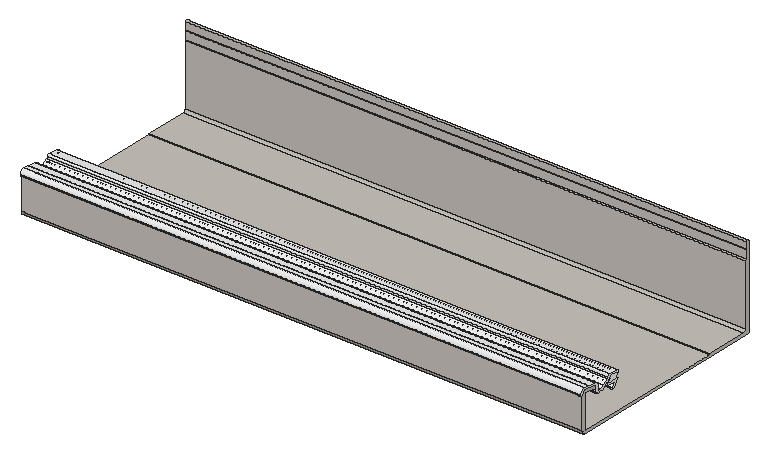
Revit family "Lighting to Inside face of Suburban Gutter", category Generic Models, Revit 2018
Family settings
  Can host rebar = No
  Round Connector Dimension = Use Diameter
  Part Type = Normal
  Work Plane-Based = No
  Always vertical = Yes
  Cut with Voids When Loaded = No
  Shared = No
  Room Calculation Point = No
Parameters
  LED Neon Strip lighting [instance] = LED light
  Gutter Length [instance] = 500 mm
  Gutter Clip [instance] = Aluminum - Dark
  185 Suburban Gutter [instance] = Bronco
Reference planes
  plane 1 "Center (Front/Back)": y = 0
  plane 2: z = 0
  plane 3 "Center (Left/Right)": x = 0
  plane 4: x = -250
  plane 5: x = 250
Forms (mm)
  Extrusion 1, solid, material "Bronco" <- "185 Suburban Gutter"
    sketch origin (0, -150.925, -150.846) x (0, 1, 0) y (0, 0, 1)
      loop
        arc (242.175, 224.946) -> (241.275, 225.846) -> (240.375, 224.946) r 0.9
        line (240.375, 224.946) -> (240.375, 218.746) -> (241.182, 218.346) -> (240.375, 217.946) -> (240.375, 210.753) -> (239.925, 209.888) -> (239.925, 155.346)
        arc (239.925, 155.346) -> (239.266, 153.755) -> (237.675, 153.096) r 2.25
        line (237.675, 153.096) -> (199.575, 153.096) -> (199.175, 152.296) -> (198.775, 153.096) -> (60.175, 153.096)
        arc (60.175, 153.096) -> (59.645, 153.315) -> (59.425, 153.846) r 0.75
        line (59.425, 153.846) -> (59.425, 183.657) -> (69.798, 181.828)
        arc (69.798, 181.828) -> (71.102, 182.74) -> (70.189, 184.044) r 1.125
        line (70.189, 184.044) -> (65.762, 184.824) -> (65.23, 184.106) -> (64.975, 184.963) -> (60.192, 185.807)
        arc (60.192, 185.807) -> (58.093, 185.244) -> (57.175, 183.276) r 2.57
        line (57.175, 183.276) -> (57.175, 153.846)
        arc (57.175, 153.846) -> (58.054, 151.724) -> (60.175, 150.846) r 3
        line (60.175, 150.846) -> (241.675, 150.846)
        arc (241.675, 150.846) -> (242.029, 150.992) -> (242.175, 151.346) r 0.5
        line (242.175, 151.346) -> (242.175, 224.946)
    from -250 to 250
  Extrusion 2, solid, material "Aluminum - Dark" <- "Gutter Clip"
    sketch origin (0, -175.981, 1.089) x (0, -0.996855, 0.079242) y (0, -0.079242, -0.996855)
      loop
        arc (-94.944, -34.172) -> (-96.496, -32.897) -> (-98.503, -32.793) r 3.215
        line (-98.503, -32.793) -> (-99.866, -33.208) -> (-102.211, -33.614)
        spline (-102.211, -33.614) -> (-102.273, -33.625) -> (-102.328, -33.645) -> (-102.373, -33.676) -> (-102.41, -33.716) -> (-102.439, -33.767) -> (-102.459, -33.828) -> (-102.47, -33.9) -> (-102.472, -33.981) -> (-102.466, -34.073) -> (-102.451, -34.174) -> (-102.428, -34.286) -> (-102.396, -34.408)
        line (-102.396, -34.408) -> (-107.037, -37.611)
        arc (-107.037, -37.611) -> (-107.811, -37.658) -> (-108.213, -36.994) r 0.75
        line (-108.213, -36.994) -> (-108.214, -34.678) -> (-111.21, -35.212) -> (-115.931, -35.212)
        arc (-115.931, -35.212) -> (-116.26, -35.018) -> (-116.252, -34.637) r 0.377
        line (-116.252, -34.637) -> (-113.817, -30.704)
        arc (-113.817, -30.704) -> (-113.834, -30.223) -> (-114.285, -30.055) r 0.432
        line (-114.285, -30.055) -> (-115.058, -30.238) -> (-118.736, -36.182) -> (-118.811, -37.022)
        spline (-118.811, -37.022) -> (-118.726, -37.137) -> (-118.655, -37.165) -> (-118.586, -37.135) -> (-118.507, -37.077) -> (-118.405, -37.021) -> (-118.269, -36.996) -> (-118.101, -37.003) -> (-117.922, -37.015) -> (-117.753, -37.001) -> (-117.614, -36.933) -> (-117.527, -36.78) -> (-117.512, -36.512)
        line (-117.512, -36.512) -> (-114.412, -36.512)
        arc (-114.412, -36.512) -> (-114.265, -36.865) -> (-113.912, -37.012) r 0.5
        arc (-113.912, -37.012) -> (-113.558, -36.865) -> (-113.412, -36.512) r 0.5
        line (-113.412, -36.512) -> (-109.513, -36.512) -> (-109.511, -41.912) -> (-113.412, -41.912)
        arc (-113.412, -41.912) -> (-113.558, -41.558) -> (-113.912, -41.412) r 0.5
        arc (-113.912, -41.412) -> (-114.265, -41.558) -> (-114.412, -41.912) r 0.5
        line (-114.412, -41.912) -> (-117.519, -41.912)
        spline (-117.519, -41.912) -> (-117.533, -41.645) -> (-117.619, -41.492) -> (-117.757, -41.424) -> (-117.926, -41.41) -> (-118.104, -41.421) -> (-118.271, -41.428) -> (-118.407, -41.403) -> (-118.509, -41.347) -> (-118.587, -41.289) -> (-118.656, -41.259) -> (-118.726, -41.287) -> (-118.812, -41.401)
        line (-118.812, -41.401) -> (-118.811, -42.712)
        arc (-118.811, -42.712) -> (-118.665, -43.065) -> (-118.311, -43.212) r 0.5
        line (-118.311, -43.212) -> (-109.811, -43.209)
        arc (-109.811, -43.209) -> (-108.679, -42.739) -> (-108.211, -41.606) r 1.6
        line (-108.211, -41.606) -> (-108.215, -40.004) -> (-103.816, -36.968) -> (-104.021, -36.172) -> (-103.322, -36.627) -> (-100.787, -34.877)
        arc (-100.787, -34.877) -> (-99.112, -34.363) -> (-97.367, -34.208) r 8.406
        arc (-97.367, -34.208) -> (-96.721, -34.726) -> (-96.521, -35.53) r 1.296
        line (-96.521, -35.53) -> (-96.303, -39.538)
        arc (-96.303, -39.538) -> (-95.533, -41.168) -> (-93.836, -41.775) r 2.353
        line (-93.836, -41.775) -> (-87.546, -41.81) -> (-87.141, -40.996) -> (-86.746, -41.814) -> (-81.944, -41.841)
        arc (-81.944, -41.841) -> (-79.322, -40.787) -> (-78.186, -38.2) r 3.739
        line (-78.186, -38.2) -> (-78.268, -37.14)
        arc (-78.268, -37.14) -> (-78.939, -36.677) -> (-79.53, -37.238) r 0.647
        line (-79.53, -37.238) -> (-79.469, -38.022)
        arc (-79.469, -38.022) -> (-80.132, -39.786) -> (-81.848, -40.564) r 2.462
        line (-81.848, -40.564) -> (-84.615, -40.305) -> (-89.948, -39.79) -> (-94.63, -39.31) -> (-94.955, -37.723) -> (-94.944, -34.172)
    from -250 to 250
  Extrusion 3, solid, material "LED light" <- "LED Neon Strip lighting"
    sketch origin (0, -155.888, -0.289) x (0, -0.996855, 0.079242) y (0, -0.079242, -0.996855)
      loop
        line (-89.472, -41.594) -> (-89.473, -36.394) -> (-93.181, -36.394)
        arc (-93.181, -36.394) -> (-93.772, -36.894) -> (-94.364, -36.394) r 0.6
        line (-94.364, -36.394) -> (-97.235, -36.394) -> (-97.235, -41.594) -> (-94.364, -41.594)
        arc (-94.364, -41.594) -> (-93.772, -41.094) -> (-93.181, -41.594) r 0.6
        line (-93.181, -41.594) -> (-89.472, -41.594)
    from -250 to 250
Dimensions and locks
  equal spacing: plane 4, plane 3 "Center (Left/Right)", plane 5
  "Gutter Length": plane 4 to plane 5
  aligned and locked: level to plane 2
  aligned and locked: Extrusion 1 to plane 4
  aligned and locked: Extrusion 1 to plane 5
  aligned and locked: Extrusion 2 to plane 4
  aligned and locked: Extrusion 2 to plane 5
  aligned and locked: Extrusion 3 to plane 5
  aligned and locked: Extrusion 3 to plane 4
Automatic sketch dimensions
  Extrusion 1 sketch curve to Extrusion 1 sketch curve = 0 mm  (x2)
  Extrusion 1 sketch curve to level = 0 mm
  level to Extrusion 1 sketch curve = 3 mm
  plane 1 "Center (Front/Back)" to Extrusion 1 sketch curve = 93.75 mm
  Extrusion 1 sketch curve to Extrusion 1 sketch curve = 0.75 mm
  Extrusion 1 sketch curve to Extrusion 1 sketch curve = 0.32 mm
  level to Extrusion 1 sketch curve = 34.961 mm
  Extrusion 1 sketch curve to Extrusion 1 sketch curve = 0.766 mm
  level to Extrusion 1 sketch curve = 34.118 mm
  Extrusion 1 sketch curve to Extrusion 1 sketch curve = 4.783 mm
  level to Extrusion 1 sketch curve = 33.26 mm
  Extrusion 1 sketch curve to Extrusion 1 sketch curve = 0.255 mm
  level to Extrusion 1 sketch curve = 33.979 mm
  Extrusion 1 sketch curve to Extrusion 1 sketch curve = 0.788 mm
  Extrusion 1 sketch curve to Extrusion 1 sketch curve = 4.036 mm
  Extrusion 1 sketch curve to Extrusion 1 sketch curve = 0.195 mm  (x2)
  level to Extrusion 1 sketch curve = 33.198 mm
  Extrusion 1 sketch curve to plane 1 "Center (Front/Back)" = 47.85 mm
  level to Extrusion 1 sketch curve = 1.45 mm
  Extrusion 1 sketch curve to Extrusion 1 sketch curve = 0.4 mm  (x2)
  Extrusion 1 sketch curve to Extrusion 1 sketch curve = 0.8 mm  (x2)
  level to Extrusion 1 sketch curve = 4.5 mm
  Extrusion 1 sketch curve to Extrusion 1 sketch curve = 38.1 mm
  Extrusion 1 sketch curve to Extrusion 1 sketch curve = 2.25 mm
  Extrusion 1 sketch curve to Extrusion 1 sketch curve = 0.45 mm  (x2)
  Extrusion 1 sketch curve to Extrusion 1 sketch curve = 0.806 mm
  Extrusion 1 sketch curve to Extrusion 1 sketch curve = 0.9 mm
  Extrusion 1 sketch curve to Extrusion 1 sketch curve = 0.5 mm
  Extrusion 1 sketch curve to Extrusion 1 sketch curve = 2.216 mm
  Extrusion 1 sketch curve to Extrusion 1 sketch curve = 0.381 mm
  Extrusion 1 sketch curve to Extrusion 1 sketch curve = 54.543 mm
  Extrusion 1 sketch curve to Extrusion 1 sketch curve = 0.864 mm
  Extrusion 1 sketch curve to Extrusion 1 sketch curve = 7.193 mm
  Extrusion 1 sketch curve to Extrusion 1 sketch curve = 6.2 mm
  level to Extrusion 2 sketch curve = 32.945 mm
  plane 1 "Center (Front/Back)" to Extrusion 2 sketch curve = 54.263 mm
  Extrusion 2 sketch curve to Extrusion 2 sketch curve = 0 mm  (x11)
  Extrusion 2 sketch curve to Extrusion 2 sketch curve = 0.075 mm
  Extrusion 2 sketch curve to Extrusion 2 sketch curve = 0.5 mm  (x5)
  Extrusion 2 sketch curve to Extrusion 2 sketch curve = 0.793 mm
  Extrusion 2 sketch curve to Extrusion 2 sketch curve = 1.224 mm
  Extrusion 2 sketch curve to Extrusion 2 sketch curve = 1.26 mm
  Extrusion 2 sketch curve to Extrusion 2 sketch curve = 0.32 mm
  Extrusion 2 sketch curve to Extrusion 2 sketch curve = 1.193 mm
  Extrusion 2 sketch curve to Extrusion 2 sketch curve = 3.107 mm
  Extrusion 2 sketch curve to Extrusion 2 sketch curve = 1.52 mm
  Extrusion 2 sketch curve to Extrusion 2 sketch curve = 0.774 mm
  Extrusion 2 sketch curve to Extrusion 2 sketch curve = 0.099 mm
  Extrusion 2 sketch curve to Extrusion 2 sketch curve = 0.368 mm
  Extrusion 2 sketch curve to Extrusion 2 sketch curve = 2.202 mm
  Extrusion 2 sketch curve to Extrusion 2 sketch curve = 3.601 mm
  Extrusion 2 sketch curve to Extrusion 2 sketch curve = 0.001 mm
  Extrusion 2 sketch curve to Extrusion 2 sketch curve = 1.697 mm
  Extrusion 2 sketch curve to Extrusion 2 sketch curve = 0.3 mm
  Extrusion 2 sketch curve to Extrusion 2 sketch curve = 1.597 mm
  Extrusion 2 sketch curve to Extrusion 2 sketch curve = 1.299 mm
  Extrusion 2 sketch curve to Extrusion 2 sketch curve = 1.3 mm  (x3)
  Extrusion 2 sketch curve to Extrusion 2 sketch curve = 0.75 mm
  Extrusion 2 sketch curve to Extrusion 2 sketch curve = 0.426 mm
  Extrusion 2 sketch curve to Extrusion 2 sketch curve = 3.016 mm
  Extrusion 2 sketch curve to Extrusion 2 sketch curve = 0.205 mm  (x2)
  Extrusion 2 sketch curve to Extrusion 2 sketch curve = 0.494 mm
  Extrusion 2 sketch curve to Extrusion 2 sketch curve = 1.625 mm
  Extrusion 2 sketch curve to Extrusion 2 sketch curve = 0.185 mm
  Extrusion 2 sketch curve to Extrusion 2 sketch curve = 1.609 mm
  Extrusion 2 sketch curve to Extrusion 2 sketch curve = 0.921 mm
  Extrusion 2 sketch curve to Extrusion 2 sketch curve = 1.363 mm
  Extrusion 2 sketch curve to Extrusion 2 sketch curve = 0.69 mm
  Extrusion 2 sketch curve to Extrusion 2 sketch curve = 0.154 mm
  Extrusion 2 sketch curve to Extrusion 2 sketch curve = 0.162 mm
  Extrusion 2 sketch curve to Extrusion 2 sketch curve = 1.137 mm
  Extrusion 2 sketch curve to Extrusion 2 sketch curve = 1.194 mm
  Extrusion 2 sketch curve to Extrusion 2 sketch curve = 1.348 mm
  Extrusion 2 sketch curve to Extrusion 2 sketch curve = 1.578 mm
  Extrusion 2 sketch curve to Extrusion 2 sketch curve = 0.325 mm
  Extrusion 2 sketch curve to Extrusion 2 sketch curve = 0.677 mm
  Extrusion 2 sketch curve to Extrusion 2 sketch curve = 0.117 mm
  Extrusion 2 sketch curve to Extrusion 2 sketch curve = 4.004 mm
  Extrusion 2 sketch curve to Extrusion 2 sketch curve = 2.403 mm
  Extrusion 2 sketch curve to Extrusion 2 sketch curve = 0.404 mm
  Extrusion 2 sketch curve to Extrusion 2 sketch curve = 0.8 mm  (x2)
  Extrusion 2 sketch curve to Extrusion 2 sketch curve = 2.131 mm
  Extrusion 2 sketch curve to Extrusion 2 sketch curve = 2.671 mm
  Extrusion 2 sketch curve to Extrusion 2 sketch curve = 2.685 mm
  Extrusion 2 sketch curve to Extrusion 2 sketch curve = 0.006 mm
  Extrusion 2 sketch curve to Extrusion 2 sketch curve = 0.096 mm
  Extrusion 2 sketch curve to Extrusion 2 sketch curve = 2.394 mm
  Extrusion 2 sketch curve to Extrusion 2 sketch curve = 0.061 mm
  Extrusion 2 sketch curve to Extrusion 2 sketch curve = 0.641 mm
  Extrusion 2 sketch curve to Extrusion 2 sketch curve = 0.621 mm
  Extrusion 2 sketch curve to Extrusion 2 sketch curve = 0.082 mm
  Extrusion 2 sketch curve to Extrusion 2 sketch curve = 0.003 mm
  Extrusion 2 sketch curve to Extrusion 2 sketch curve = 0.17 mm
  Extrusion 2 sketch curve to Extrusion 2 sketch curve = 0.035 mm
  Extrusion 2 sketch curve to Extrusion 2 sketch curve = 0.004 mm
  Extrusion 2 sketch curve to Extrusion 2 sketch curve = 0.026 mm
  Extrusion 2 sketch curve to Extrusion 2 sketch curve = 0.303 mm
  Extrusion 2 sketch curve to Extrusion 2 sketch curve = 0.837 mm
  Extrusion 2 sketch curve to Extrusion 2 sketch curve = 0.818 mm
  Extrusion 2 sketch curve to Extrusion 2 sketch curve = 1.277 mm
  Extrusion 2 sketch curve to Extrusion 2 sketch curve = 1.51 mm
  Extrusion 2 sketch curve to Extrusion 2 sketch curve = 1.602 mm
  Extrusion 2 sketch curve to Extrusion 2 sketch curve = 1.207 mm
  Extrusion 2 sketch curve to Extrusion 2 sketch curve = 3.075 mm
  Extrusion 2 sketch curve to Extrusion 2 sketch curve = 0.116 mm
  Extrusion 2 sketch curve to Extrusion 2 sketch curve = 2.365 mm
  Extrusion 2 sketch curve to Extrusion 2 sketch curve = 0.002 mm
  Extrusion 2 sketch curve to Extrusion 2 sketch curve = 1.587 mm
  Extrusion 2 sketch curve to Extrusion 2 sketch curve = 2.393 mm
  Extrusion 2 sketch curve to Extrusion 2 sketch curve = 0.7 mm
  Extrusion 2 sketch curve to Extrusion 2 sketch curve = 0.084 mm
  Extrusion 2 sketch curve to Extrusion 2 sketch curve = 4.379 mm
  Extrusion 2 sketch curve to Extrusion 2 sketch curve = 0.617 mm
  Extrusion 2 sketch curve to Extrusion 2 sketch curve = 0.644 mm
  Extrusion 2 sketch curve to Extrusion 2 sketch curve = 0.341 mm
  Extrusion 2 sketch curve to Extrusion 2 sketch curve = 4.9 mm
  Extrusion 2 sketch curve to Extrusion 2 sketch curve = 0.84 mm
  Extrusion 2 sketch curve to Extrusion 2 sketch curve = 0.796 mm
  Extrusion 2 sketch curve to Extrusion 2 sketch curve = 1.828 mm
  Extrusion 2 sketch curve to Extrusion 2 sketch curve = 0.365 mm
  Extrusion 2 sketch curve to Extrusion 2 sketch curve = 0.471 mm
  Extrusion 2 sketch curve to Extrusion 2 sketch curve = 0.547 mm
  Extrusion 2 sketch curve to Extrusion 2 sketch curve = 0.377 mm
  Extrusion 2 sketch curve to Extrusion 2 sketch curve = 1.834 mm
  Extrusion 2 sketch curve to Extrusion 2 sketch curve = 0.469 mm
  Extrusion 2 sketch curve to Extrusion 2 sketch curve = 1.358 mm
  Extrusion 2 sketch curve to Extrusion 2 sketch curve = 0.794 mm
  Extrusion 2 sketch curve to Extrusion 2 sketch curve = 0.416 mm
  Extrusion 2 sketch curve to Extrusion 2 sketch curve = 3.933 mm
  Extrusion 2 sketch curve to Extrusion 2 sketch curve = 0.228 mm
  Extrusion 2 sketch curve to Extrusion 2 sketch curve = 0.183 mm
  level to Extrusion 3 sketch curve = 28.285 mm
  plane 1 "Center (Front/Back)" to Extrusion 3 sketch curve = 56.075 mm
  Extrusion 3 sketch curve to Extrusion 3 sketch curve = 2.871 mm  (x2)
  Extrusion 3 sketch curve to Extrusion 3 sketch curve = 0.592 mm  (x4)
  Extrusion 3 sketch curve to Extrusion 3 sketch curve = 3.707 mm
  Extrusion 3 sketch curve to Extrusion 3 sketch curve = 3.709 mm
  Extrusion 3 sketch curve to Extrusion 3 sketch curve = 5.2 mm
  Extrusion 3 sketch curve to Extrusion 3 sketch curve = 0.1 mm  (x2)
